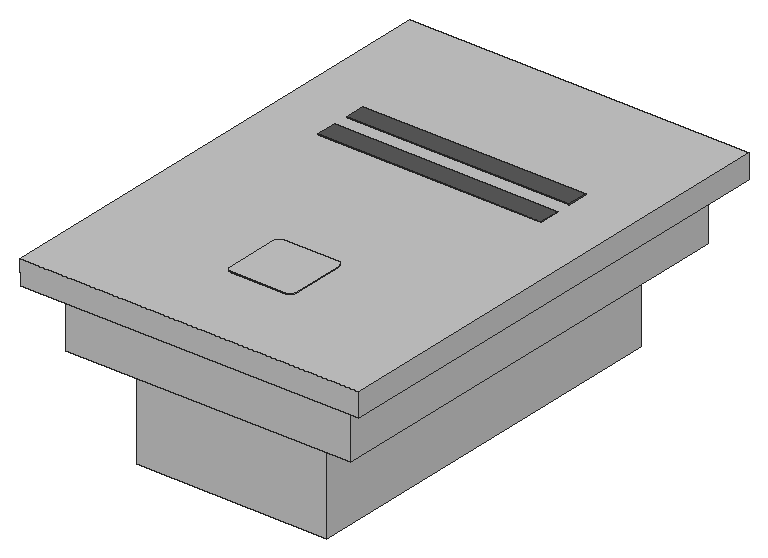
Revit family "Plumbing-Fix_Flush-Valve-Touchless_Stern_Nara", category Plumbing Fixtures, host Face, Revit 2018
Family settings
  Host = Face
  Round Connector Dimension = Use Diameter
  Part Type = Normal
  OmniClass Number = 23.45.05.14
  OmniClass Title = Plumbing Fixtures - Sanitary Washing Units
  Cut with Voids When Loaded = No
  Shared = No
  Room Calculation Point = No
Parameters (values of type "Battery Pack")
  Waste Connection = no
  Warranty Duration (Years) = 2
  WFU = 0
  Vent Connection = no
  Unit Width = 0' - 7 1/8"
  Unit Height = 0' - 10 1/4"
  URL = "http://www.sternfaucets.com/"
  Type Comments = "as Specified"
  Standards Conformance = "as Specified"
  Specification = ""
  SpecWizard = ""
  Sales Information = "http://www.sternfaucets.com/contact-us/contact-us-int-l.html"
  Revision = "R1_2018-04"
  Product Properties = ""
  Product Features = "Dual Flush  ;  0.79 or 1.18 or 1.58 GPF  ;  24 Hr Auto Flush"
  Product Data = "http://www.arcat.com/arcatcos/cos50/arc50092.html"
  Power Supply = "9V Battery"
  Piping_Outlet Diameter [instance] = 1 1/2"
  Piping_Inlet Diameter = 1"
  Piping_Flow = 0 GPM
  Operating Temperature Range = "as Specified"
  Operating Pressure Range = "7.26 - 116 PSI  ;  0.5 - 8 bar"
  Model = "Nara 3002"
  Manufacturer Website = "http://www.sternfaucets.com/"
  Manufacturer Phone - Toll Free = "800-436-4410"
  Manufacturer Phone = ""
  Manufacturer Fax = ""
  Manufacturer Address = "777 Passaic Ave.  Clifton, NJ 07012"
  Manufacturer = "Stern Engineering"
  Maintenance Schedule (Months) = 0
  Keynote = ""
  Installation Phase = ""
  HWFU = 0
  HW Connection = no
  Green Building-LEED = ""
  GPF = 1.58
  Fixture Finish [instance] = Finish - Stern - Chrome
  Expected Lifespan (Years) = 0
  Drawn By = "Sumex Design, Inc. / Robert S. Weygant, CSI, CDT, SCIP"
  Description = "Stern Touchless Flush Valve - Nara 3002 as Specified"
  Default Elevation = 0' - 0"
  Cost = 0
  Copyright = "©Arcat Inc."
  Construction Details = ""
  CWFU = 1
  CW Connection = yes
  Body Construction = "Brass"
  Available Options = "as Specified"
  Assembly Code = "D2010300"
  Accent Color [instance] = Finish - Stern - Black
Types (2): name | Power Supply | Model | Description
  Battery Pack | "9V Battery" | "Nara 3002" | "Stern Touchless Flush Valve - Nara 3002 as Specified"
  Transformer | "9V Transformer" | "Nara 3002 E" | "Stern Touchless Flush Valve - Nara 3002 E as Specified"
Reference planes (in)
  plane 1 "Center (Front/Back)": y = 0
  plane 2: z = 0
  plane 3 "Center (Left/Right)": x = 0
Forms (in)
  Extrusion 1, solid, material "Finish - Stern - Chrome" <- "Fixture Finish"
    sketch origin (0, 0, 0) x (1, 0, 0) y (0, 1, 0)
      loop
        line (-3.5625, -5.125) -> (3.5625, -5.125) -> (3.5625, 5.125) -> (-3.5625, 5.125) -> (-3.5625, -5.125)
    from 0 to 0.5
  Extrusion 2, solid, material "Finish - Stern - Black" <- "Accent Color"
    sketch origin (0, 0, 0) x (1, 0, 0) y (0, 1, 0)
      loop
        line (-2.34375, 2.375) -> (-2.34375, 1.9375) -> (2.34375, 1.9375) -> (2.34375, 2.375) -> (-2.34375, 2.375)
      loop
        line (-2.34375, 1.625) -> (-2.34375, 1.1875) -> (2.34375, 1.1875) -> (2.34375, 1.625) -> (-2.34375, 1.625)
    from 0 to 0.50585
  Extrusion 3, solid, material "Finish - Stern - Chrome" <- "Fixture Finish"
    sketch origin (0, 0, 0) x (1, 0, 0) y (0, 1, 0)
      loop
        line (0.5625, -1.9375) -> (-0.5625, -1.9375)
        arc (-0.5625, -1.9375) -> (-0.65089, -1.97411) -> (-0.6875, -2.0625) r 0.125
        line (-0.6875, -2.0625) -> (-0.6875, -3.1875)
        arc (-0.6875, -3.1875) -> (-0.65089, -3.27589) -> (-0.5625, -3.3125) r 0.125
        line (-0.5625, -3.3125) -> (0.5625, -3.3125)
        arc (0.5625, -3.3125) -> (0.65089, -3.27589) -> (0.6875, -3.1875) r 0.125
        line (0.6875, -3.1875) -> (0.6875, -2.0625)
        arc (0.6875, -2.0625) -> (0.65089, -1.97411) -> (0.5625, -1.9375) r 0.125
    from 0 to 0.507
  Extrusion 4, solid, material "Finish - Stern - Chrome" <- "Fixture Finish"
    sketch origin (0, 0, 0) x (1, 0, 0) y (0, 1, 0)
      loop
        line (3, 4.75) -> (-3, 4.75) -> (-3, -4.625) -> (3, -4.625) -> (3, 4.75)
    from 0 to -1.25
  Extrusion 5, solid, material "Finish - Stern - Chrome" <- "Fixture Finish"
    sketch origin (0, 0, 0) x (0, 1, 0) y (0, 0, 1)
      loop
        line (-4, -1.25) -> (-4, -3.3125) -> (4.25, -3.3125) -> (4.25, -1.25) -> (-4, -1.25)
    from 2 to -2
  Extrusion 6, solid, material "Finish - Stern - Chrome" <- "Fixture Finish"
    sketch origin (0, 0, 0) x (0, 1, 0) y (0, 0, 1)
      loop
        circle (3.375, -2.25) r 0.5
    from -2.34375 to 0
  Extrusion 7, void
    sketch origin (0, 0, 0) x (1, 0, 0) y (0, 1, 0)
      loop
        line (-3, 4.75) -> (-3, -4.625) -> (3, -4.625) -> (3, 4.75) -> (-3, 4.75)
    from -3.3125 to 0
Dimensions and locks (in)
  aligned and locked: plane 2 to host face
  aligned and locked: level to host face
Connectors (in)
  piping at (-2.34375, 3.375, -2.25), diameter 1, driven by "Piping_Flow", driven by "Piping_Inlet Diameter"
    settings: on Extrusion 6, index 1, connector inside diameter 24", connector length 0' - 0", flow factor 0, pipe flow 0 GPM, pressure drop 0.00 psi, fitting loss kfactor 0, connector angle 0.00°, fixture units 0, engagement length 0' - 0", angle of deflection 0.00°, flow configuration 0, flow direction 1, fitting loss method 0, system type 20, joint type 0, gender type 0, connector reference index -1, connector utility 0, adjustable connector no, is connector primary yes, connector description "CW Inlet"
  piping at (0, -4, -2.28125), diameter 1.5
    settings: on Extrusion 5, index 2, connector inside diameter 24", connector length 0' - 0", flow factor 0, pipe flow 0 GPM, pressure drop 0.00 psi, fitting loss kfactor 0, connector angle 0.00°, fixture units 0, engagement length 0' - 0", angle of deflection 0.00°, flow configuration 0, flow direction 2, fitting loss method 0, system type 29, joint type 0, gender type 0, connector reference index -1, connector utility 0, adjustable connector no, is connector primary no, connector description "CW Outlet"
  electrical at (0, 0.125, -3.3125)
    settings: on Extrusion 5, index 3, voltage 0 V, apparent load 0 VA, apparent load phase1 0 VA, apparent load phase2 0 VA, apparent load phase3 0 VA, power factor 1, load classification "Other", number of poles 1, system type 13, power factor state 1, is connector primary yes, connector utility no, sub classification motor no, connector description ""
